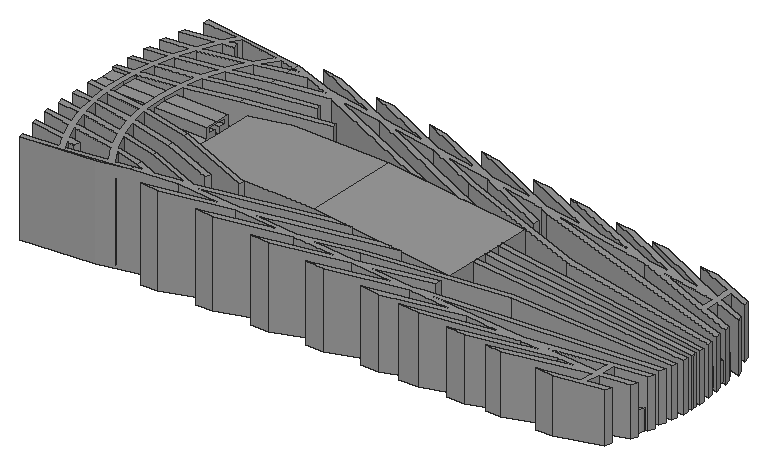
Revit family "Superstreet 250", category Осветительные приборы, Revit 2017 (continued)
Types (11, lengths in mm): name | built-in parameter 1150134 | Файл фотометрической сетки | built-in parameter 1150105 | Lumens | Apparent Load | built-in parameter 1150106 | built-in parameter 1150142 | Wattage | built-in parameter 1150107 | Артикул
  (no name) | 12 | "Superstreet 250-202-LLI13-4.0K-01.ies" | 2145.1 (stored number, unit not read) | 26956 lm | 202 VA | 21.451 (stored number, unit not read) | "ISNA:LM-63-1995\r\n[TEST]LEDEL\r\n[DATA]22.11.2018\r\n[MANUFAC]LEDEL\r\n[LUMCAT]Superstreet 250/202/Ш13/4.0K/01\r\n[LUMINAIRE]Для освещения дорог категорий А и Б, городских улиц и площадей\r\n[LAMPCAT]LED\r\n[LAMP]OSRAM OSLON SQUARE3\r\nTILT=NONE\r\n\r\n1 26956 1.41918500579 37 37 1 2 0.636 0.256 0.100\r\n1 1 202\r\n\r\n0 2.5 5 7.5 10 12.5 15 17.5 20 22.5 25 27.5 30 32.5 35 37.5 40 42.5 45 47.5\r\n 50 52.5 55 57.5 60 62.5 65 67.5 70 72.5 75 77.5 80 82.5 85 87.5 90\r\n\r\n90 95 100 105 110 115 120 125 130 135 140 145 150 155 160 165 170 175 180\r\n 185 190 195 200 205 210 215 220 225 230 235 240 245 250 255 260 265 270\r\n\r\n  6235 5721 5230 4749 4277 3754 3242 2810 2529 2300 2116 1966 1809 1658 1539\r\n  1403 1314 1189 1073 1066 1246 1261 1126 1039 1021 1006 1013 1017 953 799\r\n  548 379 226 121 53 27 23\r\n  6175 5646 5170 4701 4217 3699 3174 2780 2484 2285 2094 1951 1786 1640 1531\r\n  1403 1284 1171 1051 1107 1246 1216 1111 1024 991 1006 1013 999 901 766\r\n  511 349 211 106 38 31 16\r\n  6235 5721 5223 4776 4292 3774 3234 2817 2514 2288 2094 1951 1816 1681 1546\r\n  1426 1276 1148 1066 1062 1216 1231 1111 1024 1006 1006 1006 1006 938 784\r\n  571 379 256 136 46 27 8\r\n  6416 5886 5403 4956 4487 4026 3489 2997 2672 2431 2221 2056 1899 1771 1621\r\n  1475 1336 1216 1103 1024 1141 1264 1156 1036 968 964 991 953 901 781\r\n  593 376 263 139 61 19 16\r\n  6258 5743 5290 4839 4397 3936 3399 2975 2642 2431 2229 2060 1899 1768 1629\r\n  1471 1314 1216 1096 1051 1103 1216 1171 1036 961 931 916 901 863 766\r\n  638 451 263 132 46 27 23\r\n  6416 5908 5455 5031 4592 4164 3677 3204 2837 2597 2364 2195 2034 1880 1726\r\n  1591 1441 1291 1178 1051 1013 1111 1141 1073 976 886 841 852 811 766\r\n  676 514 316 136 53 27 16\r\n  6378 5901 5463 5038 4637 4221 3759 3294 2912 2645 2446 2266 2116 1951 1801\r\n  1651 1486 1328 1208 1099 1006 1006 1058 1051 976 901 796 732 721 691\r\n  631 514 316 151 61 31 8\r\n 6281 5833 5433 5061 4675 4299 3887 3455 3054 2769 2552 2386 2206 2045 1884\r\n  1715 1554 1385 1231 1114 1028 961 961 961 916 859 781 706 631 589\r\n  518 421 241 121 46 31 16\r\n  6326 5920 5515 5169 4817 4472 4090 3672 3294 2960 2709 2522 2341 2153 1996\r\n  1816 1651 1493 1336 1189 1066 976 931 886 848 811 751 679 608 529\r\n  466 361 218 121 46 31 31\r\n   6371 5976 5620 5271 4967 4652 4315 3962 3564 3212 2912 2687 2469 2296 2124\r\n  1951 1786 1610 1456 1294 1171 1036 938 856 796 766 713 676 593 526\r\n  443 323 196 106 46 31 31\r\n  6386 6036 5710 5399 5095 4821 4555 4236 3925 3579 3219 2957 2702 2491 2296\r\n  2120 1951 1786 1599 1430 1269 1118 968 859 781 721 683 634 586 481\r\n  383 271 166 102 46 31 31\r\n  6386 6066 5793 5523 5268 5031 4787 4532 4262 3977 3632 3294 3002 2762 2537\r\n  2356 2146 1955 1771 1610 1411 1261 1081 934 826 743 683 642 571 488\r\n  383 271 181 106 46 34 31\r\n  6483 6201 5943 5691 5470 5245 5043 4821 4615 4371 4105 3812 3512 3200 2934\r\n  2690 2454 2225 2034 1823 1614 1426 1216 1062 946 856 788 706 616 511\r\n  383 274 181 109 46 42 38\r\n  6476 6228 6003 5808 5628 5459 5283 5103 4915 4727 4502 4281 4037 3782 3497\r\n  3215 2964 2705 2454 2210 1966 1726 1501 1318 1193 1126 1058 961 826 634\r\n  443 301 203 121 61 46 46\r\n  6416 6231 6048 5913 5763 5643 5493 5373 5238 5079 4937 4772 4570 4386 4172\r\n  3951 3714 3452 3182 2897 2604 2318 2071 1895 1816 1778 1771 1610 1238 769\r\n  443 301 203 121 91 46 38\r\n  6461 6318 6183 6078 5973 5883 5793 5691 5583 5489 5343 5223 5088 4914 4742\r\n  4566 4390 4187 3955 3695 3444 3200 3017 2882 2867 2949 2987 2717 1989 1080\r\n  541 304 173 109 91 49 46\r\n  6483 6393 6303 6250 6198 6138 6093 6036 5973 5909 5823 5736 5628 5500 5380\r\n  5238 5088 4937 4742 4521 4300 4101 3947 3857 3887 4097 4375 4412 3564 2074\r\n  923 379 211 136 98 61 53\r\n  6528 6468 6438 6408 6393 6408 6393 6393 6393 6390 6333 6303 6228 6138 6018\r\n  5901 5763 5590 5395 5196 4967 4791 4682 4622 4712 5021 5485 5643 4660 2786\r\n  1223 491 263 151 106 84 46\r\n  6528 6540 6558 6588 6663 6738 6798 6858 6918 6975 7008 7038 7046 6993 6948\r\n  6873 6791 6663 6543 6405 6303 6288 6363 6528 6821 7409 8171 8205 6371 3474\r\n  1081 391 226 151 113 91 46\r\n  6528 6558 6626 6708 6813 6907 7053 7173 7308 7413 7534 7639 7729 7789 7804\r\n  7804 7759 7714 7661 7579 7556 7612 7759 8047 8531 9322 10280 10576 8967 5519\r\n  2049 549 263 199 151 121 98\r\n  6483 6577 6708 6858 7023 7173 7353 7564 7744 7931 8134 8317 8479 8614 8704\r\n  8749 8764 8719 8644 8569 8509 8542 8666 8924 9387 10140 11120 11585 10205 6656\r\n  2754 755 271 207 166 132 98\r\n  6461 6618 6768 6952 7158 7387 7631 7882 8134 8354 8629 8873 9094 9289 9402\r\n  9458 9454 9364 9184 9001 8824 8719 8734 8869 9222 9907 10902 11570 10595 7253\r\n  3099 845 316 226 181 136 121\r\n  6416 6618 6813 7042 7301 7567 7864 8152 8456 8737 9012 9289 9514 9713 9829\r\n  9868 9792 9612 9364 9072 8824 8655 8576 8644 8877 9341 10107 10692 10040 7233\r\n  3317 917 301 211 136 117 91\r\n  6476 6708 6963 7237 7549 7864 8179 8486 8809 9105 9387 9653 9882 10040 10085\r\n  10051 9882 9612 9304 9001 8726 8539 8389 8284 8194 8089 8074 7793 6446 3864\r\n  1584 624 331 192 121 91 61\r\n   6483 6760 7076 7387 7736 8062 8404 8726 9064 9341 9612 9833 10025 10145 10152\r\n  10055 9837 9514 9177 8791 8419 8040 7564 6938 6168 5362 4675 4080 3039 1664\r\n  758 432 278 132 76 57 46\r\n  6386 6720 7038 7390 7766 8134 8471 8804 9139 9413 9657 9893 10009 10133 10152\r\n  10040 9799 9421 8944 8400 7736 6934 5890 4822 3917 3220 2784 2431 1914 1213\r\n  706 462 316 196 121 106 91\r\n  6386 6742 7128 7537 7916 8302 8666 8989 9297 9559 9754 9949 10062 10100 10002\r\n  9777 9372 8795 8074 7151 6010 4822 3842 3123 2612 2218 1906 1633 1246 852\r\n  608 481 368 211 106 57 31\r\n  6371 6760 7166 7574 7991 8392 8749 9053 9327 9574 9769 9908 9987 9926 9777\r\n  9417 8839 7988 6888 5572 4322 3381 2717 2271 1921 1674 1479 1276 968 706\r\n  586 514 361 192 61 42 38\r\n  6326 6760 7218 7657 8074 8482 8824 9117 9372 9585 9769 9874 9874 9739 9417\r\n  8885 8051 6871 5515 4275 3317 2650 2206 1899 1666 1493 1374 1183 916 702\r\n  586 481 361 211 106 46 38\r\n  6281 6742 7218 7675 8104 8516 8869 9143 9372 9574 9717 9784 9709 9496 9049\r\n  8307 7211 5881 4570 3547 2792 2293 1959 1723 1554 1438 1276 1062 826 627\r\n  511 387 301 174 98 42 31\r\n  6378 6895 7421 7912 8359 8737 9042 9266 9477 9596 9657 9589 9402 8997 8299\r\n  7216 5883 4593 3594 2875 2356 2004 1764 1618 1464 1306 1118 897 698 541\r\n  436 304 226 132 91 46 23\r\n  6416 6914 7458 7931 8359 8722 9004 9248 9424 9559 9567 9454 9154 8604 7729\r\n  6488 5163 4027 3212 2608 2184 1888 1711 1550 1396 1216 1021 807 623 481\r\n  361 271 196 106 61 31 16\r\n 6258 6787 7323 7822 8269 8647 8944 9199 9349 9469 9477 9357 9019 8435 7503\r\n  6286 4990 3895 3099 2548 2139 1876 1689 1531 1359 1171 968 781 571 439\r\n  316 249 181 121 76 42 31\r\n  6416 6959 7519 8032 8456 8782 9049 9244 9387 9431 9349 9129 8644 7898 6821\r\n  5569 4427 3517 2874 2425 2064 1846 1636 1471 1299 1126 916 717 548 391\r\n  293 211 151 114 61 27 16\r\n  6235 6805 7368 7886 8336 8707 8982 9199 9327 9379 9304 9061 8599 7793 6678\r\n  5430 4277 3381 2747 2293 1981 1771 1591 1419 1246 1062 871 676 511 372\r\n  286 211 143 106 53 31 16\r\n  6175 6727 7301 7822 8291 8659 8929 9143 9304 9364 9289 9061 8606 7827 6716\r\n  5460 4315 3400 2769 2331 2004 1783 1599 1441 1246 1062 871 680 518 376\r\n  293 222 181 109 53 46 38\r\n  6235 6802 7361 7897 8336 8707 8967 9158 9304 9357 9267 8986 8486 7647 6521\r\n  5280 4172 3333 2717 2293 2011 1798 1614 1430 1261 1066 871 669 518 376\r\n  286 211 151 94 53 31 31\r\n" | 181.471 W | 4000 (stored number, unit not read) | "305116"
  Superstreet 250 4.0К Ш7 | 12 | "Superstreet 250-185-LLI7-4.0K-05.ies" | 1921.8 (stored number, unit not read) | 24150 lm | 185 VA | 19.218 (stored number, unit not read) | "ISNA:LM-63-1995\r\n[TEST]LEDEL\r\n[DATA]28.05.2018\r\n[MANUFAC]LEDEL\r\n[LUMCAT]Superstreet 250/185/Ш7/4.0K/05\r\n[LUMINAIRE]Для освещения дорог категорий А и Б, городских улиц и площадей\r\n[LAMPCAT]LED\r\n[LAMP]OSRAM OSLON SQUARE3\r\nTILT=NONE\r\n\r\n1 24150 0.883967 37 37 1 2 0.636 0.256 0.100\r\n1 1 185\r\n\r\n0 2.5 5 7.5 10 12.5 15 17.5 20 22.5 25 27.5 30 32.5 35 37.5 40 42.5 45 47.5\r\n 50 52.5 55 57.5 60 62.5 65 67.5 70 72.5 75 77.5 80 82.5 85 87.5 90\r\n\r\n90 95 100 105 110 115 120 125 130 135 140 145 150 155 160 165 170 175 180\r\n 185 190 195 200 205 210 215 220 225 230 235 240 245 250 255 260 265 270\r\n\r\n  6845 6637 6468 6340 6224 6122 6040 5994 5964 5946 5928 5855 5708 5491 5207\r\n  4870 4497 4086 3619 2936 2029 1269 936 811 716 646 559 477 399 329\r\n  272 218 163 121 85 73 67\r\n  6842 6643 6489 6364 6248 6157 6076 6030 6006 5994 5961 5874 5717 5479 5191\r\n  4841 4467 4068 3601 2928 2026 1263 927 800 710 628 550 473 405 339\r\n  278 224 176 123 85 73 73\r\n  6836 6648 6504 6394 6284 6193 6115 6061 6030 6002 5961 5857 5677 5424 5110\r\n  4749 4371 3984 3553 2938 2080 1299 927 793 695 612 538 473 408 345\r\n  281 227 176 127 91 73 73\r\n  6839 6656 6519 6411 6305 6212 6136 6073 6030 5994 5931 5810 5614 5351 5016\r\n  4646 4262 3887 3468 2895 2101 1331 927 787 692 610 526 462 405 345\r\n  284 236 182 130 91 79 73\r\n  6857 6687 6556 6442 6341 6248 6166 6092 6040 5990 5907 5781 5587 5312 4980\r\n  4606 4229 3857 3477 2977 2243 1457 969 793 701 618 538 471 408 351\r\n  293 242 188 141 103 79 73\r\n  6876 6714 6592 6479 6381 6291 6202 6128 6067 6000 5910 5780 5590 5327 4998\r\n  4634 4265 3909 3562 3146 2530 1737 1102 829 722 642 574 498 429 365\r\n  311 254 206 147 106 79 76\r\n  6885 6744 6613 6509 6411 6317 6242 6175 6109 6038 5952 5839 5665 5430 5131\r\n  4784 4416 4053 3710 3320 2783 2016 1283 885 737 654 583 521 459 396\r\n  332 272 206 151 106 79 79\r\n  6903 6767 6643 6545 6462 6376 6296 6230 6160 6082 6000 5888 5726 5501 5222\r\n  4892 4540 4186 3833 3447 2922 2221 1473 966 758 667 598 544 480 417\r\n  348 278 209 147 109 80 79\r\n  6933 6809 6697 6604 6528 6450 6378 6308 6239 6171 6091 5990 5858 5677 5448\r\n  5171 4847 4501 4141 3789 3387 2822 2050 1299 882 731 643 575 514 447\r\n  378 296 224 160 112 85 79\r\n  6945 6835 6737 6652 6592 6531 6462 6394 6335 6278 6202 6109 6003 5869 5689\r\n  5454 5170 4852 4497 4144 3776 3302 2611 1773 1108 800 683 592 523 449\r\n  375 292 224 170 115 91 85\r\n  6948 6854 6770 6696 6646 6598 6534 6477 6429 6375 6299 6214 6124 6015 5880\r\n  5706 5484 5224 4914 4579 4217 3773 3151 2323 1494 952 728 616 523 443\r\n  369 292 230 170 115 91 85\r\n  6966 6888 6815 6761 6731 6694 6646 6610 6562 6509 6447 6370 6293 6214 6142\r\n  6056 5943 5802 5611 5363 5047 4666 4159 3390 2397 1459 885 667 553 473\r\n  405 320 239 171 121 100 88\r\n  6972 6912 6857 6815 6803 6780 6767 6743 6713 6670 6622 6562 6498 6442 6414\r\n  6405 6393 6381 6344 6263 6106 5834 5406 4730 3713 2472 1389 813 619 485\r\n  387 308 242 176 124 103 91\r\n  6984 6937 6900 6875 6875 6882 6882 6882 6872 6841 6806 6767 6719 6696 6703\r\n  6741 6803 6882 6975 7060 7105 7081 6906 6419 5499 4106 2530 1302 731 515\r\n  399 316 245 182 133 109 103\r\n  7002 6978 6954 6948 6969 7002 7032 7045 7051 7051 7038 7020 7011 7014 7045\r\n  7105 7217 7368 7552 7707 7853 8081 8285 8289 7823 6601 4666 2611 1171 632\r\n  456 340 251 183 139 115 109\r\n  7014 7008 7008 7020 7063 7111 7171 7214 7250 7274 7286 7298 7316 7340 7389\r\n  7491 7678 7905 8046 8065 8206 8518 8934 9387 9673 9413 8113 5688 2970 1262\r\n  649 427 287 194 151 121 112\r\n  7038 6978 6933 6918 6960 7037 7138 7248 7355 7454 7545 7641 7721 7792 7859\r\n  7935 8013 8158 8466 8560 8318 8108 8046 8074 8164 8374 8792 9496 10222 9363\r\n  5843 2073 459 177 206 196 157\r\n  7038 6972 6909 6888 6912 6978 7069 7165 7253 7339 7416 7491 7564 7623 7681\r\n  7745 7844 8056 8306 8277 8037 7884 7847 7882 7977 8169 8505 9025 9254 7315\r\n  3462 939 302 272 248 194 145\r\n  7032 6934 6863 6845 6875 6931 7008 7082 7150 7214 7280 7336 7383 7438 7488\r\n  7541 7648 7948 8215 8006 7711 7642 7678 7776 7956 8262 8707 9327 9269 6496\r\n  2563 578 345 289 212 151 121\r\n  7038 6971 6906 6888 6915 6978 7072 7167 7253 7340 7419 7494 7564 7624 7684\r\n  7746 7850 8063 8306 8272 8031 7882 7847 7884 7977 8176 8520 9037 9242 7225\r\n  3372 909 293 272 245 192 145\r\n  7038 7051 7051 7087 7129 7209 7304 7376 7437 7491 7533 7570 7612 7654 7718\r\n  7855 8125 8417 8460 8317 8327 8482 8762 9230 9912 10638 10817 9538 6534 3389\r\n  1286 529 332 222 170 137 115\r\n  7014 6993 6954 6949 6996 7070 7180 7305 7431 7541 7648 7746 7841 7921 8010\r\n  8084 8152 8262 8590 8923 8795 8496 8391 8458 8701 9202 10132 11696 13277 12469\r\n  8391 3318 764 247 236 212 170\r\n  7002 6996 6972 6978 7026 7111 7226 7361 7497 7619 7733 7843 7944 8042 8125\r\n  8215 8297 8387 8629 9035 9163 9005 8985 9247 9890 11072 12785 14109 13895 11897\r\n  8885 5242 1965 519 221 182 157\r\n  6984 6996 6984 7008 7069 7153 7271 7408 7555 7686 7808 7921 8043 8150 8255\r\n  8362 8484 8614 8837 9302 9670 9792 10014 10778 12426 14096 14194 13140 12190 10471\r\n  7041 3191 1005 438 293 210 142\r\n  6972 7002 7008 7045 7108 7192 7313 7450 7600 7746 7874 8004 8128 8259 8394\r\n  8538 8713 8917 9190 9677 10289 10786 11608 13450 14725 14134 12884 11593 9208 5164\r\n  1956 816 529 379 266 180 118\r\n  6966 7008 7032 7081 7144 7232 7337 7474 7627 7778 7923 8060 8212 8362 8538\r\n  8748 8994 9306 9679 10116 10690 11728 13609 14784 14236 12909 10775 7159 3311 1390\r\n  827 595 435 326 251 176 115\r\n  6948 7010 7051 7112 7186 7268 7373 7511 7669 7825 7983 8129 8294 8484 8719\r\n  9012 9347 9729 10180 10789 11831 13568 14644 13990 12260 8812 4280 1754 1096 850\r\n  619 476 381 295 221 150 91\r\n 6945 7020 7072 7141 7217 7298 7386 7517 7675 7832 7989 8152 8336 8564 8855\r\n  9196 9565 9985 10560 11435 12878 14073 13603 11822 7808 3327 1443 1067 843 645\r\n  532 469 387 306 215 144 85\r\n  6933 7020 7084 7167 7256 7336 7422 7547 7687 7843 8007 8187 8406 8674 8994\r\n  9342 9734 10246 10986 12100 13183 13045 11584 7858 3360 1421 1030 872 701 592\r\n  529 477 399 308 224 150 85\r\n  6903 7016 7102 7192 7292 7376 7470 7577 7711 7855 8022 8232 8493 8792 9112\r\n  9457 9881 10460 11270 12197 12374 11278 8068 3303 1325 1033 894 729 628 562\r\n  514 438 354 284 224 150 82\r\n  6885 7020 7114 7214 7319 7413 7497 7606 7721 7855 8025 8248 8523 8822 9124\r\n  9471 9924 10518 11230 11680 11164 9251 4998 1839 1027 917 803 693 616 556\r\n  486 402 339 284 221 144 79\r\n  6876 7023 7129 7239 7349 7444 7536 7636 7742 7862 8034 8267 8544 8828 9121\r\n  9466 9927 10479 10977 10907 9779 6791 2922 1248 936 864 767 677 610 541\r\n  453 381 323 278 212 139 79\r\n  6857 7023 7150 7269 7386 7485 7576 7674 7778 7909 8083 8321 8605 8870 9145\r\n  9513 9975 10424 10615 9987 8071 4378 1679 1030 936 826 719 645 580 489\r\n  411 349 308 254 185 120 61\r\n  6839 7016 7159 7281 7404 7505 7591 7686 7799 7939 8110 8351 8611 8852 9121\r\n  9483 9897 10228 10183 9266 6924 3396 1374 989 915 807 710 645 559 469\r\n  399 349 302 241 170 109 61\r\n  6836 7016 7168 7299 7419 7521 7615 7708 7814 7945 8125 8365 8620 8841 9097\r\n  9432 9785 10040 9909 8910 6513 3311 1443 965 900 833 755 674 580 489\r\n  426 375 317 242 173 120 76\r\n  6842 7034 7186 7325 7452 7552 7648 7745 7850 7981 8170 8424 8665 8894 9163\r\n  9505 9827 9978 9610 8258 5439 2466 1217 1012 942 852 764 677 577 483\r\n  417 357 287 210 148 91 55\r\n  6845 7040 7207 7348 7476 7582 7684 7782 7890 8018 8212 8478 8726 8955 9214\r\n  9558 9854 9987 9583 8258 5575 2690 1286 995 945 873 782 687 583 488\r\n  420 357 281 194 139 85 49\r\n\r\n" | 162.58 W | 4000 (stored number, unit not read) | "305218"
  Superstreet 250 5.0К Ш7 | 2 | "Superstreet 250-185-LLI7-5.0K-05.ies" | 1921.8 (stored number, unit not read) | 24150 lm | 185 VA | 19.218 (stored number, unit not read) | "ISNA:LM-63-1995\r\n[TEST]LEDEL\r\n[DATA]28.05.2018\r\n[MANUFAC]LEDEL\r\n[LUMCAT]Superstreet 250/185/Ш7/5.0K/05\r\n[LUMINAIRE]Для освещения дорог категорий А и Б, городских улиц и площадей\r\n[LAMPCAT]LED\r\n[LAMP]OSRAM OSLON SQUARE3\r\nTILT=NONE\r\n\r\n1 24150 0.883967 37 37 1 2 0.636 0.256 0.100\r\n1 1 185\r\n\r\n0 2.5 5 7.5 10 12.5 15 17.5 20 22.5 25 27.5 30 32.5 35 37.5 40 42.5 45 47.5\r\n 50 52.5 55 57.5 60 62.5 65 67.5 70 72.5 75 77.5 80 82.5 85 87.5 90\r\n\r\n90 95 100 105 110 115 120 125 130 135 140 145 150 155 160 165 170 175 180\r\n 185 190 195 200 205 210 215 220 225 230 235 240 245 250 255 260 265 270\r\n\r\n  6845 6637 6468 6340 6224 6122 6040 5994 5964 5946 5928 5855 5708 5491 5207\r\n  4870 4497 4086 3619 2936 2029 1269 936 811 716 646 559 477 399 329\r\n  272 218 163 121 85 73 67\r\n  6842 6643 6489 6364 6248 6157 6076 6030 6006 5994 5961 5874 5717 5479 5191\r\n  4841 4467 4068 3601 2928 2026 1263 927 800 710 628 550 473 405 339\r\n  278 224 176 123 85 73 73\r\n  6836 6648 6504 6394 6284 6193 6115 6061 6030 6002 5961 5857 5677 5424 5110\r\n  4749 4371 3984 3553 2938 2080 1299 927 793 695 612 538 473 408 345\r\n  281 227 176 127 91 73 73\r\n  6839 6656 6519 6411 6305 6212 6136 6073 6030 5994 5931 5810 5614 5351 5016\r\n  4646 4262 3887 3468 2895 2101 1331 927 787 692 610 526 462 405 345\r\n  284 236 182 130 91 79 73\r\n  6857 6687 6556 6442 6341 6248 6166 6092 6040 5990 5907 5781 5587 5312 4980\r\n  4606 4229 3857 3477 2977 2243 1457 969 793 701 618 538 471 408 351\r\n  293 242 188 141 103 79 73\r\n  6876 6714 6592 6479 6381 6291 6202 6128 6067 6000 5910 5780 5590 5327 4998\r\n  4634 4265 3909 3562 3146 2530 1737 1102 829 722 642 574 498 429 365\r\n  311 254 206 147 106 79 76\r\n  6885 6744 6613 6509 6411 6317 6242 6175 6109 6038 5952 5839 5665 5430 5131\r\n  4784 4416 4053 3710 3320 2783 2016 1283 885 737 654 583 521 459 396\r\n  332 272 206 151 106 79 79\r\n  6903 6767 6643 6545 6462 6376 6296 6230 6160 6082 6000 5888 5726 5501 5222\r\n  4892 4540 4186 3833 3447 2922 2221 1473 966 758 667 598 544 480 417\r\n  348 278 209 147 109 80 79\r\n  6933 6809 6697 6604 6528 6450 6378 6308 6239 6171 6091 5990 5858 5677 5448\r\n  5171 4847 4501 4141 3789 3387 2822 2050 1299 882 731 643 575 514 447\r\n  378 296 224 160 112 85 79\r\n  6945 6835 6737 6652 6592 6531 6462 6394 6335 6278 6202 6109 6003 5869 5689\r\n  5454 5170 4852 4497 4144 3776 3302 2611 1773 1108 800 683 592 523 449\r\n  375 292 224 170 115 91 85\r\n  6948 6854 6770 6696 6646 6598 6534 6477 6429 6375 6299 6214 6124 6015 5880\r\n  5706 5484 5224 4914 4579 4217 3773 3151 2323 1494 952 728 616 523 443\r\n  369 292 230 170 115 91 85\r\n  6966 6888 6815 6761 6731 6694 6646 6610 6562 6509 6447 6370 6293 6214 6142\r\n  6056 5943 5802 5611 5363 5047 4666 4159 3390 2397 1459 885 667 553 473\r\n  405 320 239 171 121 100 88\r\n  6972 6912 6857 6815 6803 6780 6767 6743 6713 6670 6622 6562 6498 6442 6414\r\n  6405 6393 6381 6344 6263 6106 5834 5406 4730 3713 2472 1389 813 619 485\r\n  387 308 242 176 124 103 91\r\n  6984 6937 6900 6875 6875 6882 6882 6882 6872 6841 6806 6767 6719 6696 6703\r\n  6741 6803 6882 6975 7060 7105 7081 6906 6419 5499 4106 2530 1302 731 515\r\n  399 316 245 182 133 109 103\r\n  7002 6978 6954 6948 6969 7002 7032 7045 7051 7051 7038 7020 7011 7014 7045\r\n  7105 7217 7368 7552 7707 7853 8081 8285 8289 7823 6601 4666 2611 1171 632\r\n  456 340 251 183 139 115 109\r\n  7014 7008 7008 7020 7063 7111 7171 7214 7250 7274 7286 7298 7316 7340 7389\r\n  7491 7678 7905 8046 8065 8206 8518 8934 9387 9673 9413 8113 5688 2970 1262\r\n  649 427 287 194 151 121 112\r\n  7038 6978 6933 6918 6960 7037 7138 7248 7355 7454 7545 7641 7721 7792 7859\r\n  7935 8013 8158 8466 8560 8318 8108 8046 8074 8164 8374 8792 9496 10222 9363\r\n  5843 2073 459 177 206 196 157\r\n  7038 6972 6909 6888 6912 6978 7069 7165 7253 7339 7416 7491 7564 7623 7681\r\n  7745 7844 8056 8306 8277 8037 7884 7847 7882 7977 8169 8505 9025 9254 7315\r\n  3462 939 302 272 248 194 145\r\n  7032 6934 6863 6845 6875 6931 7008 7082 7150 7214 7280 7336 7383 7438 7488\r\n  7541 7648 7948 8215 8006 7711 7642 7678 7776 7956 8262 8707 9327 9269 6496\r\n  2563 578 345 289 212 151 121\r\n  7038 6971 6906 6888 6915 6978 7072 7167 7253 7340 7419 7494 7564 7624 7684\r\n  7746 7850 8063 8306 8272 8031 7882 7847 7884 7977 8176 8520 9037 9242 7225\r\n  3372 909 293 272 245 192 145\r\n  7038 7051 7051 7087 7129 7209 7304 7376 7437 7491 7533 7570 7612 7654 7718\r\n  7855 8125 8417 8460 8317 8327 8482 8762 9230 9912 10638 10817 9538 6534 3389\r\n  1286 529 332 222 170 137 115\r\n  7014 6993 6954 6949 6996 7070 7180 7305 7431 7541 7648 7746 7841 7921 8010\r\n  8084 8152 8262 8590 8923 8795 8496 8391 8458 8701 9202 10132 11696 13277 12469\r\n  8391 3318 764 247 236 212 170\r\n  7002 6996 6972 6978 7026 7111 7226 7361 7497 7619 7733 7843 7944 8042 8125\r\n  8215 8297 8387 8629 9035 9163 9005 8985 9247 9890 11072 12785 14109 13895 11897\r\n  8885 5242 1965 519 221 182 157\r\n  6984 6996 6984 7008 7069 7153 7271 7408 7555 7686 7808 7921 8043 8150 8255\r\n  8362 8484 8614 8837 9302 9670 9792 10014 10778 12426 14096 14194 13140 12190 10471\r\n  7041 3191 1005 438 293 210 142\r\n  6972 7002 7008 7045 7108 7192 7313 7450 7600 7746 7874 8004 8128 8259 8394\r\n  8538 8713 8917 9190 9677 10289 10786 11608 13450 14725 14134 12884 11593 9208 5164\r\n  1956 816 529 379 266 180 118\r\n  6966 7008 7032 7081 7144 7232 7337 7474 7627 7778 7923 8060 8212 8362 8538\r\n  8748 8994 9306 9679 10116 10690 11728 13609 14784 14236 12909 10775 7159 3311 1390\r\n  827 595 435 326 251 176 115\r\n  6948 7010 7051 7112 7186 7268 7373 7511 7669 7825 7983 8129 8294 8484 8719\r\n  9012 9347 9729 10180 10789 11831 13568 14644 13990 12260 8812 4280 1754 1096 850\r\n  619 476 381 295 221 150 91\r\n 6945 7020 7072 7141 7217 7298 7386 7517 7675 7832 7989 8152 8336 8564 8855\r\n  9196 9565 9985 10560 11435 12878 14073 13603 11822 7808 3327 1443 1067 843 645\r\n  532 469 387 306 215 144 85\r\n  6933 7020 7084 7167 7256 7336 7422 7547 7687 7843 8007 8187 8406 8674 8994\r\n  9342 9734 10246 10986 12100 13183 13045 11584 7858 3360 1421 1030 872 701 592\r\n  529 477 399 308 224 150 85\r\n  6903 7016 7102 7192 7292 7376 7470 7577 7711 7855 8022 8232 8493 8792 9112\r\n  9457 9881 10460 11270 12197 12374 11278 8068 3303 1325 1033 894 729 628 562\r\n  514 438 354 284 224 150 82\r\n  6885 7020 7114 7214 7319 7413 7497 7606 7721 7855 8025 8248 8523 8822 9124\r\n  9471 9924 10518 11230 11680 11164 9251 4998 1839 1027 917 803 693 616 556\r\n  486 402 339 284 221 144 79\r\n  6876 7023 7129 7239 7349 7444 7536 7636 7742 7862 8034 8267 8544 8828 9121\r\n  9466 9927 10479 10977 10907 9779 6791 2922 1248 936 864 767 677 610 541\r\n  453 381 323 278 212 139 79\r\n  6857 7023 7150 7269 7386 7485 7576 7674 7778 7909 8083 8321 8605 8870 9145\r\n  9513 9975 10424 10615 9987 8071 4378 1679 1030 936 826 719 645 580 489\r\n  411 349 308 254 185 120 61\r\n  6839 7016 7159 7281 7404 7505 7591 7686 7799 7939 8110 8351 8611 8852 9121\r\n  9483 9897 10228 10183 9266 6924 3396 1374 989 915 807 710 645 559 469\r\n  399 349 302 241 170 109 61\r\n  6836 7016 7168 7299 7419 7521 7615 7708 7814 7945 8125 8365 8620 8841 9097\r\n  9432 9785 10040 9909 8910 6513 3311 1443 965 900 833 755 674 580 489\r\n  426 375 317 242 173 120 76\r\n  6842 7034 7186 7325 7452 7552 7648 7745 7850 7981 8170 8424 8665 8894 9163\r\n  9505 9827 9978 9610 8258 5439 2466 1217 1012 942 852 764 677 577 483\r\n  417 357 287 210 148 91 55\r\n  6845 7040 7207 7348 7476 7582 7684 7782 7890 8018 8212 8478 8726 8955 9214\r\n  9558 9854 9987 9583 8258 5575 2690 1286 995 945 873 782 687 583 488\r\n  420 357 281 194 139 85 49\r\n\r\n" | 162.58 W | 5000 (stored number, unit not read) | "305210"
